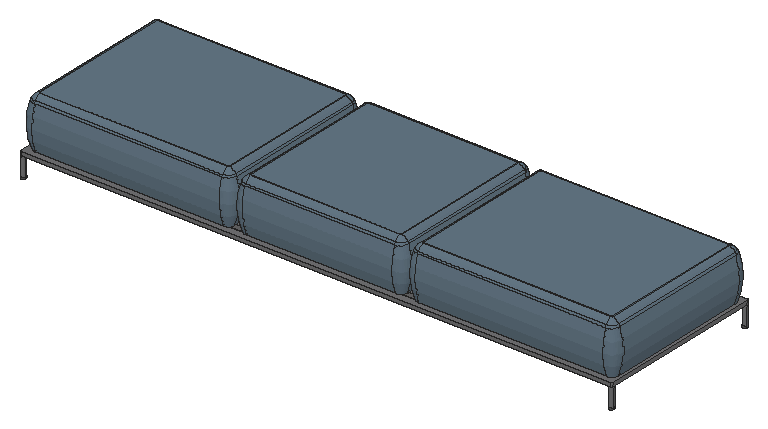
Revit family "Haworth_Mex-Hi_ExtraWideBench_PRELIMINARY", category Furniture, Revit 2018
Family settings
  OmniClass Number = 23.40.70.14.64.21
  OmniClass Title = Systems Furniture
  Work Plane-Based = No
  Always vertical = Yes
  Cut with Voids When Loaded = No
  Shared = No
  Room Calculation Point = No
Parameters (values of type "Extra Wide Three Seats Bench")
  Warranty = "http://www.haworth.com/resources/product-info/warranties"
  URL - Product = "https://www.haworth.com/na/en/products/lounge-sofas/ottomans/mex-hi-seating.html"
  URL = "https://www.haworth.com/na/en/about/brands/haworth-collection.html"
  Trim Finish = Haworth _ Polymer _ Black
  Sustainability Info = "https://www.haworth.com/na/en/expertise/sustainability.html"
  Size = "Verify Final Dim. w/ Haworth"  # constant formula
  Seat Upholstery Finish [instance] = Haworth _ Leather _ Scozia _ Oceano ES-342
  Revision Number = "1"  # constant formula
  Model = "HCCSMHB"  # constant formula
  Manufacturer = "Haworth"  # constant formula
  Description = "Haworth - Cassina - Mex-Hi - Extra Wide Bench - Three Seats"  # constant formula
  Base Finish [instance] = Haworth _ Paint _ Matte Anthracite 69-ANT
  Author = "Haworth (Abd Rahman)"  # constant formula
  Assembly Code = "E2020200"
  Actual Width = 122.00"  # constant formula
  Actual Height = 28.30"  # constant formula
  Actual Depth = 35.50"  # constant formula
Reference planes (in)
  plane 1: z = 0
  plane 2 "Center L/R": x = -6.11989
  plane 3 "Center F/B": y = -11.5
  plane 4 "Top": z = 28.3
  plane 5 "Back": y = 6.25
  plane 6 "Front": y = -29.25
  plane 7 "Right": x = 54.88011
  plane 8 "Left": x = -67.11989
  plane 9: x = -23.83369
  plane 10: x = 11.59391
Dimensions and locks (in)
  equal spacing: plane 8 "Left", plane 2 "Center L/R", plane 7 "Right"
  "Actual Width": plane 8 "Left" to plane 7 "Right"
  equal spacing: plane 5 "Back", plane 3 "Center F/B", plane 6 "Front"
  "Actual Depth": plane 5 "Back" to plane 6 "Front"
  "Actual Height": plane 4 "Top" to plane 1
  plane 8 "Left" to plane 9 to plane 10 to plane 7 "Right" = 43.2862", 35.4276", 43.2862"
  aligned and locked: plane 2 "Center L/R" to nested 1
  aligned and locked: nested 1 to plane 3 "Center F/B"
  aligned and locked: nested 2 to plane 3 "Center F/B"
  aligned and locked: plane 3 "Center F/B" to nested 3
  aligned and locked: nested 2 to plane 8 "Left"
  aligned and locked: nested 3 to plane 7 "Right"
  aligned and locked: plane 2 "Center L/R" to nested 4
  aligned and locked: plane 3 "Center F/B" to nested 4
Nested families (in)
  nested 1: "Haworth_Mex-Hi_Sofa_Base-PART" at (0, 0, 0), Base Finish <- "Base Finish", type "Base - PART"
    with Base Finish Haworth _ Paint _ Matte Anthracite 69-ANT, Two Seats yes, Three Seats no, Actual Width 122.00"
  nested 2: "Haworth_Mex-Hi_Bench_Seat-PART" at (-39.69817, 0, 0), Seat Upholstery Finish <- "Seat Upholstery Finish", type "Seat Bench - PART - Large"
    with Seat Upholstery Finish Haworth _ Leather _ Scozia _ Oceano ES-342, Middle Large Seat yes, L/R Seat no
  nested 3: "Haworth_Mex-Hi_Bench_Seat-PART" at (39.01563, 0, 0), Seat Upholstery Finish <- "Seat Upholstery Finish", type "Seat Bench - PART - Large"
    with Seat Upholstery Finish Haworth _ Leather _ Scozia _ Oceano ES-342, Middle Large Seat yes, L/R Seat no
  nested 4: "Haworth_Mex-Hi_Bench_Seat-PART" at (0, 0, 0), Seat Upholstery Finish <- "Seat Upholstery Finish", type "Seat Bench - PART - Small"
    with Seat Upholstery Finish Haworth _ Leather _ Scozia _ Oceano ES-342, Middle Small Seat yes, L/R Seat no
Definition of nested family "Haworth_Mex-Hi_Sofa_Base-PART"
  Parameters (values of type "Base - PART")
    Warranty = "http://www.haworth.com/resources/product-info/warranties"
    URL - Product = "https://www.haworth.com/na/en/products/lounge-sofas/ottomans/mex-hi-seating.html"
    URL = "https://www.haworth.com/na/en/about/brands/haworth-collection.html"
    Two Seats = no
    Trim Finish = none
    Three Seats = yes
    Sustainability Info = "https://www.haworth.com/na/en/expertise/sustainability.html"
    Size = "Verify Final Dim. w/ Haworth"  # constant formula
    Revision Number = "1"  # constant formula
    Model = "Haworth - Cassina - Mex-Hi"  # constant formula
    Manufacturer = "Haworth"  # constant formula
    Description = "Haworth - Cassina - Mex-Hi - Sofa - Base - PART"  # constant formula
    Base Finish [instance] = none
    Author = "Haworth (Abd Rahman)"  # constant formula
    Assembly Code = "E2020200"
    Actual Width = 98.40"
    Actual Height = 28.30"  # constant formula
    Actual Depth = 35.50"
  Reference planes (in)
    plane 1: z = 0
    plane 2 "Center L/R": x = -6.11989
    plane 3 "Center F/B": y = -11.5
    plane 4 "Top": z = 28.3
    plane 5 "Back": y = 6.25
    plane 6 "Front": y = -29.25
    plane 7 "Right": x = 43.08011
    plane 8 "Left": x = -55.31989
    plane 9: x = 8.61121
    plane 10: x = 7.43011
    plane 11: x = -19.66989
    plane 12: x = -20.851
    plane 13: y = 4.4803
    plane 14: y = 3.20078
    plane 15: y = 2.01967
    plane 16: y = -4.67324
    plane 17: y = -5.85434
    plane 18: y = -24.9511
    plane 19: y = -26.1322
    plane 20: y = -27.40946
    plane 21: y = 6.04866
    plane 22: y = -28.9838
    plane 23: x = -53.5182
    plane 24: x = 41.33743
    plane 25: x = 42.90823
    plane 26: x = -55.09253
    plane 27: x = 8.0169
    plane 28: x = -20.26044
    plane 29: y = -17.07481
    plane 30: y = -5.26247
    plane 31: x = -6.6827
    plane 32: x = -5.5016
  Forms (in)
    Extrusion 1, solid, material <- "Base Finish"
      sketch origin (-0.25, 0.4375, 0) x (1, 0, 0) y (0, 1, 0)
        loop
          line (42.78209, 5.61116) -> (-54.46639, 5.61116)
          arc (-54.46639, 5.61116) -> (-54.73236, 5.50099) -> (-54.84253, 5.23502) r 0.37614
          line (-54.84253, 5.23502) -> (-54.84253, -29.03536)
          arc (-54.84253, -29.03536) -> (-54.72949, -29.30826) -> (-54.4566, -29.4213) r 0.38594
          line (-54.4566, -29.4213) -> (42.87505, -29.4213)
          arc (42.87505, -29.4213) -> (43.07529, -29.33835) -> (43.15823, -29.13811) r 0.28319
          line (43.15823, -29.13811) -> (43.15823, 5.23502)
          arc (43.15823, 5.23502) -> (43.04806, 5.50099) -> (42.78209, 5.61116) r 0.37614
        loop
          line (41.58743, -5.11074) -> (41.58743, 1.58217) -> (-53.2682, 1.58217) -> (-53.2682, -5.11074) -> (41.58743, -5.11074)
        loop
          line (-53.2682, 2.76328) -> (41.58743, 2.76328) -> (41.58743, 4.0428) -> (-53.2682, 4.0428) -> (-53.2682, 2.76328)
        loop
          line (41.58743, -6.29184) -> (-53.2682, -6.29184) -> (-53.2682, -25.3886) -> (41.58743, -25.3886) -> (41.58743, -6.29184)
        loop
          line (41.58743, -26.5697) -> (-53.2682, -26.5697) -> (-53.2682, -27.84696) -> (41.58743, -27.84696) -> (41.58743, -26.5697)
      from 4.08098 to 4.88189
    Extrusion 2, solid, material <- "Base Finish"
      sketch origin (-0.25, 0.4375, 0) x (1, 0, 0) y (0, 1, 0)
        loop
          circle (-54.44883, 5.22344) r 0.41206
        loop
          circle (42.77054, -29.02659) r 0.41206
        loop
          circle (42.77363, 5.22313) r 0.41206
        loop
          circle (-54.44602, -29.0239) r 0.41206
      from 0 to 4.08098
    Extrusion 3, solid, material <- "Trim Finish"
      sketch origin (-0.25, 0.4375, 0) x (1, 0, 0) y (0, 1, 0)
        loop
          circle (-54.44883, 5.22344) r 0.49213
        loop
          circle (-54.44883, -29.02999) r 0.49213
        loop
          circle (42.77154, 5.22344) r 0.49213
        loop
          circle (42.76782, -29.02818) r 0.49213
      from 0 to 0.23622
    Extrusion 4, solid, material <- "Base Finish", visible <- "Two Seats"
      sketch origin (0, 0, 0) x (1, 0, 0) y (0, 1, 0)
        loop
          line (-5.5016, -27.40946) -> (-5.5016, 6.04866) -> (-6.6827, 6.04866) -> (-6.6827, -27.40946) -> (-5.5016, -27.40946)
      from 4.08098 to 4.88189
    Extrusion 5, solid, material <- "Base Finish", visible <- "Three Seats"
      sketch origin (-17.68716, 0, 0) x (1, 0, 0) y (0, 1, 0)
        loop
          line (-1.98273, -27.40946) -> (-1.98273, 6.04866) -> (-3.16383, 6.04866) -> (-3.16383, -27.40946) -> (-1.98273, -27.40946)
      from 4.08098 to 4.88189
    Extrusion 6, solid, material <- "Base Finish", visible <- "Three Seats"
      sketch origin (17.7459, 0, 0) x (1, 0, 0) y (0, 1, 0)
        loop
          line (-9.1347, -27.40946) -> (-9.1347, 6.04866) -> (-10.3158, 6.04866) -> (-10.3158, -27.40946) -> (-9.1347, -27.40946)
      from 4.08098 to 4.88189
    Extrusion 7, solid, material <- "Trim Finish", visible <- "Two Seats"
      sketch origin (0, 0, 0) x (1, 0, 0) y (0, 1, 0)
        loop
          circle (-6.11989, -17.07481) r 0.49213
        loop
          circle (-6.11989, -5.26247) r 0.49213
      from 0 to 0.23622
    Extrusion 8, solid, material <- "Trim Finish", visible <- "Two Seats"
      sketch origin (0, 0, 0) x (1, 0, 0) y (0, 1, 0)
        loop
          circle (-6.11989, -17.07481) r 0.41206
        loop
          circle (-6.11989, -5.26247) r 0.41206
      from 0 to 4.08098
    Extrusion 9, solid, material <- "Trim Finish", visible <- "Three Seats"
      sketch origin (0, 0, 0) x (1, 0, 0) y (0, 1, 0)
        loop
          circle (-20.26044, -17.07481) r 0.41206
        loop
          circle (-20.26044, -5.26247) r 0.41206
        loop
          circle (8.0169, -5.26247) r 0.41206
        loop
          circle (8.0169, -17.07481) r 0.41206
      from 0 to 4.08098
    Extrusion 10, solid, material <- "Trim Finish", visible <- "Three Seats"
      sketch origin (0, 0, 0) x (1, 0, 0) y (0, 1, 0)
        loop
          circle (-20.26044, -17.07481) r 0.49213
        loop
          circle (-20.26044, -5.26247) r 0.49213
        loop
          circle (8.0169, -5.26247) r 0.49213
        loop
          circle (8.0169, -17.07481) r 0.49213
      from 0 to 0.23622
  Lines and regions (in)
    symbolic lines
      curve 1: line (-55.09253, 6.04866, 0) -> (42.90823, 6.04866, 0)
      curve 2: line (-55.09253, -28.9838, 0) -> (-55.09253, 6.04866, 0)
      curve 3: line (42.90823, -28.9838, 0) -> (-55.09253, -28.9838, 0)
      curve 4: line (42.90823, 6.04866, 0) -> (42.90823, -28.9838, 0)
      curve 5: line (-53.5182, -27.40946, 0) -> (-20.851, -27.40946, 0)
      curve 6: line (-53.5182, -26.1322, 0) -> (-53.5182, -27.40946, 0)
      curve 7: line (-20.851, -26.1322, 0) -> (-53.5182, -26.1322, 0)
      curve 8: line (-20.851, -27.40946, 0) -> (-20.851, -26.1322, 0)
      curve 9: line (7.43011, -27.40946, 0) -> (-19.66989, -27.40946, 0)
      curve 10: line (7.43011, -26.1322, 0) -> (7.43011, -27.40946, 0)
      curve 11: line (-19.66989, -26.1322, 0) -> (7.43011, -26.1322, 0)
      curve 12: line (-19.66989, -27.40946, 0) -> (-19.66989, -26.1322, 0)
      curve 13: line (8.61121, -26.1322, 0) -> (41.33743, -26.1322, 0)
      curve 14: line (8.61121, -27.40946, 0) -> (8.61121, -26.1322, 0)
      curve 15: line (41.33743, -27.40946, 0) -> (8.61121, -27.40946, 0)
      curve 16: line (41.33743, -26.1322, 0) -> (41.33743, -27.40946, 0)
      curve 17: line (41.33743, -24.9511, 0) -> (8.61121, -24.9511, 0)
      curve 18: line (41.33743, -5.85434, 0) -> (41.33743, -24.9511, 0)
      curve 19: line (8.61121, -5.85434, 0) -> (41.33743, -5.85434, 0)
      curve 20: line (8.61121, -24.9511, 0) -> (8.61121, -5.85434, 0)
      curve 21: line (41.33743, -4.67324, 0) -> (8.61121, -4.67324, 0)
      curve 22: line (41.33743, 2.01967, 0) -> (41.33743, -4.67324, 0)
      curve 23: line (8.61121, 2.01967, 0) -> (41.33743, 2.01967, 0)
      curve 25: line (7.43011, 2.01967, 0) -> (-19.66989, 2.01967, 0)
      curve 27: line (-19.66989, -4.67324, 0) -> (7.43011, -4.67324, 0)
      curve 28: line (-19.66989, 2.01967, 0) -> (-19.66989, -4.67324, 0)
      curve 29: line (-19.66989, -5.85434, 0) -> (7.43011, -5.85434, 0)
      curve 30: line (-19.66989, -24.9511, 0) -> (-19.66989, -5.85434, 0)
      curve 31: line (7.43011, -24.9511, 0) -> (-19.66989, -24.9511, 0)
      curve 32: line (7.43011, -5.85434, 0) -> (7.43011, -24.9511, 0)
      curve 33: line (-20.851, -24.9511, 0) -> (-53.5182, -24.9511, 0)
      curve 35: line (-53.5182, -5.85434, 0) -> (-20.851, -5.85434, 0)
      curve 36: line (-53.5182, -24.9511, 0) -> (-53.5182, -5.85434, 0)
      curve 37: line (-53.5182, -4.67324, 0) -> (-20.851, -4.67324, 0)
      curve 38: line (-53.5182, 2.01967, 0) -> (-53.5182, -4.67324, 0)
      curve 39: line (-20.851, 2.01967, 0) -> (-53.5182, 2.01967, 0)
      curve 40: line (-20.851, -4.67324, 0) -> (-20.851, 2.01967, 0)
      curve 41: line (-53.5182, 4.4803, 0) -> (-20.851, 4.4803, 0)
      curve 42: line (-53.5182, 3.20078, 0) -> (-53.5182, 4.4803, 0)
      curve 43: line (-20.851, 3.20078, 0) -> (-53.5182, 3.20078, 0)
      curve 44: line (-20.851, 4.4803, 0) -> (-20.851, 3.20078, 0)
      curve 45: line (7.43011, 3.20078, 0) -> (-19.66989, 3.20078, 0)
      curve 46: line (7.43011, 4.4803, 0) -> (7.43011, 3.20078, 0)
      curve 47: line (-19.66989, 4.4803, 0) -> (7.43011, 4.4803, 0)
      curve 49: line (41.33743, 3.20078, 0) -> (8.61121, 3.20078, 0)
      curve 50: line (41.33743, 4.4803, 0) -> (41.33743, 3.20078, 0)
      curve 51: line (8.61121, 4.4803, 0) -> (41.33743, 4.4803, 0)
      curve 52: line (8.61121, 3.20078, 0) -> (8.61121, 4.4803, 0)
    symbolic lines, visible <- "Three Seats"
      curve 24: line (8.61121, -27.40946, 0) -> (8.61121, 4.4803, 0)
      curve 26: line (7.43011, -27.40946, 0) -> (7.43011, 4.4803, 0)
      curve 34: line (-20.851, 4.4803, 0) -> (-20.851, -27.40946, 0)
      curve 48: line (-19.66989, -27.40946, 0) -> (-19.66989, 4.4803, 0)
    symbolic lines, visible <- "Two Seats"
      curve 53: line (-6.6827, 6.04866, 0) -> (-5.5016, 6.04866, 0)
      curve 54: line (-6.6827, -27.40946, 0) -> (-6.6827, 6.04866, 0)
      curve 55: line (-5.5016, -27.40946, 0) -> (-6.6827, -27.40946, 0)
      curve 56: line (-5.5016, 6.04866, 0) -> (-5.5016, -27.40946, 0)
  Dimensions and locks (in)
    equal spacing: plane 8 "Left", plane 2 "Center L/R", plane 7 "Right"
    "Actual Width": plane 8 "Left" to plane 7 "Right"
    equal spacing: plane 5 "Back", plane 3 "Center F/B", plane 6 "Front"
    "Actual Depth": plane 5 "Back" to plane 6 "Front"
    "Actual Height": plane 4 "Top" to plane 1
    plane 18 to plane 19 to plane 20 to plane 22 to plane 6 "Front" = 1.1811" locked, 1.27726" locked, 1.57434" locked, 0.2662" locked
    plane 5 "Back" to plane 21 to plane 13 to plane 14 to plane 15 to plane 16 to plane 17 = 0.20134" locked, 1.56835" locked, 1.27953" locked, 1.1811" locked, 6.69291" locked, 1.1811" locked
    plane 30 to plane 3 "Center F/B" to plane 29 = 6.23753" locked, 5.57481" locked
    plane 31 to plane 2 "Center L/R" to plane 32 = 0.56281" locked, 0.61829" locked
    plane 10 to plane 27 to plane 9 = 0.58679" locked, 0.59431" locked
    plane 12 to plane 28 to plane 11 = 0.59055" locked, 0.59055" locked
    plane 24 to plane 25 to plane 7 "Right" = 1.5708" locked, 0.17188" locked
    plane 8 "Left" to plane 26 to plane 23 = 0.22736" locked, 1.57433" locked
    plane 9 to plane 24 = 32.72622"
    plane 23 to plane 12 = 32.6672"
    aligned and locked: Extrusion 1 to plane 13
    aligned and locked: plane 14 to Extrusion 1
    aligned and locked: Extrusion 1 to plane 15
    aligned and locked: plane 16 to Extrusion 1
    aligned and locked: Extrusion 1 to plane 17
    aligned and locked: plane 18 to Extrusion 1
    aligned and locked: Extrusion 1 to plane 19
    aligned and locked: Extrusion 1 to plane 20
    aligned and locked: plane 26 to Extrusion 1  (x2)
    aligned and locked: Extrusion 1 to plane 23  (x4)
    aligned and locked: Extrusion 1 to plane 25  (x2)
    aligned and locked: plane 24 to Extrusion 1  (x4)
    aligned and locked: curve 2 to plane 26
    aligned and locked: plane 21 to Extrusion 1
    aligned and locked: plane 14 to curve 43
    aligned and locked: plane 15 to curve 39
    aligned and locked: curve 37 to plane 16
    aligned and locked: curve 35 to plane 17
    aligned and locked: plane 18 to curve 33
    aligned and locked: plane 19 to curve 7
    aligned and locked: plane 20 to curve 5
    aligned and locked: plane 23 to curve 6
    aligned and locked: curve 36 to plane 23
    aligned and locked: plane 23 to curve 38
    aligned and locked: curve 42 to plane 23
    aligned and locked: plane 12 to curve 44
    aligned and locked: curve 40 to plane 12
    aligned and locked: curve 8 to plane 12
    aligned and locked: curve 12 to plane 11
    aligned and locked: curve 30 to plane 11
    aligned and locked: plane 11 to curve 28
    aligned and locked: plane 10 to curve 46
    aligned and locked: curve 26 to plane 10
    aligned and locked: plane 10 to curve 32
    aligned and locked: plane 10 to curve 10
    aligned and locked: curve 14 to plane 9
    aligned and locked: curve 20 to plane 9
    aligned and locked: curve 52 to plane 9
    aligned and locked: plane 24 to curve 50
    aligned and locked: plane 24 to curve 22
    aligned and locked: plane 24 to curve 18
    aligned and locked: plane 24 to curve 16
    aligned and locked: plane 25 to curve 4
    aligned and locked: Extrusion 1 to plane 22
    aligned and locked: curve 15 to plane 20
    aligned and locked: curve 13 to plane 19
    aligned and locked: plane 18 to curve 17
    aligned and locked: curve 19 to plane 17
    aligned and locked: plane 16 to curve 21
    aligned and locked: curve 23 to plane 15
    aligned and locked: plane 14 to curve 49
    aligned and locked: curve 51 to plane 13
    aligned and locked: curve 1 to plane 21
    aligned and locked: curve 47 to plane 13
    aligned and locked: plane 14 to curve 45
    aligned and locked: plane 15 to curve 25
    aligned and locked: curve 27 to plane 16
    aligned and locked: curve 29 to plane 17
    aligned and locked: plane 18 to curve 31
    aligned and locked: curve 11 to plane 19
    aligned and locked: curve 9 to plane 20
    aligned and locked: plane 22 to curve 3
    aligned and locked: plane 15 to nested 2
    aligned and locked: plane 15 to nested 3
    aligned and locked: plane 15 to nested 8
    aligned and locked: plane 15 to nested 9
    aligned and locked: plane 17 to nested 13
    aligned and locked: plane 17 to nested 10
    aligned and locked: plane 17 to nested 7
    aligned and locked: plane 17 to nested 4
    aligned and locked: plane 17 to nested 14
    aligned and locked: nested 1 to plane 18
    aligned and locked: nested 5 to plane 18
    aligned and locked: nested 6 to plane 18
    aligned and locked: nested 12 to plane 18
    aligned and locked: nested 11 to plane 18
    aligned and locked: nested 1 to Extrusion 1
    aligned and locked: Extrusion 1 to Extrusion 4  (x2)
    aligned and locked: Extrusion 4 to plane 32
    aligned and locked: plane 31 to Extrusion 4
    aligned and locked: plane 32 to Extrusion 4 sketch curve
    aligned and locked: Extrusion 4 sketch curve to plane 31
    aligned and locked: Extrusion 4 sketch curve to plane 21
    aligned and locked: Extrusion 4 sketch curve to plane 20
    aligned and locked: plane 9 to Extrusion 6 sketch curve
    aligned and locked: Extrusion 6 sketch curve to plane 10
    aligned and locked: Extrusion 6 sketch curve to plane 21
    aligned and locked: Extrusion 6 sketch curve to plane 20
    aligned and locked: plane 11 to Extrusion 5 sketch curve
    aligned and locked: Extrusion 5 sketch curve to plane 12
    aligned and locked: Extrusion 5 sketch curve to plane 21
    aligned and locked: Extrusion 5 sketch curve to plane 20
    aligned and locked: plane 29 to Extrusion 7 sketch curve
    aligned and locked: plane 2 "Center L/R" to Extrusion 7 sketch curve  (x2)
    aligned and locked: plane 30 to Extrusion 7 sketch curve
    aligned and locked: Extrusion 3 to Extrusion 7
    aligned and locked: plane 29 to Extrusion 8 sketch curve
    aligned and locked: plane 2 "Center L/R" to Extrusion 8 sketch curve  (x2)
    aligned and locked: plane 30 to Extrusion 8 sketch curve
    aligned and locked: Extrusion 8 to Extrusion 1
    aligned and locked: plane 29 to Extrusion 9 sketch curve  (x2)
    aligned and locked: plane 30 to Extrusion 9 sketch curve  (x2)
    aligned and locked: plane 28 to Extrusion 9 sketch curve  (x2)
    aligned and locked: plane 27 to Extrusion 9 sketch curve  (x2)
    aligned and locked: Extrusion 9 to Extrusion 1
    aligned and locked: plane 28 to Extrusion 10 sketch curve  (x2)
    aligned and locked: plane 27 to Extrusion 10 sketch curve  (x2)
    aligned and locked: plane 30 to Extrusion 10 sketch curve  (x2)
    aligned and locked: plane 29 to Extrusion 10 sketch curve  (x2)
    aligned and locked: Extrusion 10 to Extrusion 7
  Automatic sketch dimensions
    Extrusion 1 sketch curve to plane 26 = 0.00"
    Extrusion 1 sketch curve to plane 21 = 0.00"
    Extrusion 1 sketch curve to plane 22 = 0.00"
    plane 20 to Extrusion 1 sketch curve = 0.00"
    Extrusion 1 sketch curve to plane 23 = 0.00"  (x4)
    Extrusion 1 sketch curve to plane 18 = 0.00"
    Extrusion 1 sketch curve to plane 13 = 0.00"
    Extrusion 1 sketch curve to plane 16 = 0.00"
    Extrusion 1 sketch curve to plane 24 = 0.00"  (x4)
    Extrusion 1 sketch curve to plane 14 = 0.00"
    Extrusion 1 sketch curve to plane 15 = 0.00"
    Extrusion 1 sketch curve to plane 25 = 0.00"
    Extrusion 1 sketch curve to plane 19 = 0.00"
    Extrusion 1 sketch curve to plane 17 = 0.00"
    Extrusion 1 sketch curve to Extrusion 1 sketch curve = 0.37614"
    plane 22 to Extrusion 1 sketch curve = 0.38594"
    plane 25 to Extrusion 1 sketch curve = 0.37614"
    Extrusion 1 sketch curve to Extrusion 1 sketch curve = 0.28319"
    Extrusion 2 sketch curve to plane 26 = 0.39651"
    Extrusion 2 sketch curve to plane 26 = 0.3937"
    plane 25 to Extrusion 2 sketch curve = 0.38769"
    plane 25 to Extrusion 2 sketch curve = 0.3846"
    plane 22 to Extrusion 2 sketch curve = 0.39739"
    plane 22 to Extrusion 2 sketch curve = 0.39471"
    Extrusion 2 sketch curve to plane 21 = 0.38803"
    Extrusion 2 sketch curve to plane 21 = 0.38772"
    Extrusion 3 sketch curve to plane 26 = 0.3937"  (x2)
    plane 25 to Extrusion 3 sketch curve = 0.39041"
    plane 25 to Extrusion 3 sketch curve = 0.38669"
    plane 22 to Extrusion 3 sketch curve = 0.39311"
    plane 22 to Extrusion 3 sketch curve = 0.39131"
    Extrusion 3 sketch curve to plane 21 = 0.38772"  (x2)
    plane 20 to curve 55 = 0.00"
    curve 55 to plane 31 = 0.00"
    curve 55 to plane 32 = 0.00"
    curve 44 to plane 13 = 0.00"
    curve 53 to plane 21 = 0.00"
    radius of Extrusion 2 sketch curve = 0.41206"  (x4)
    radius of Extrusion 3 sketch curve = 0.49213"  (x4)
    radius of Extrusion 7 sketch curve = 0.49213"  (x2)
    radius of Extrusion 8 sketch curve = 0.41206"  (x2)
    radius of Extrusion 9 sketch curve = 0.41206"  (x4)
    radius of Extrusion 10 sketch curve = 0.49213"  (x4)
  Nested families (in)
    nested 1: "Haworth_Mex-Hi_Sofa_Knob-PART" at (-41.10041, -14.04791, 0.00098), visible <- "Three Seats", type "Knob - PART"
    nested 2: "Haworth_Mex-Hi_Sofa_Knob-PART" at (-21.10041, 13.65777, 0), type "Knob - PART"
    nested 3: "Haworth_Mex-Hi_Sofa_Knob-PART" at (-13.66357, 13.65777, 0), type "Knob - PART"
    nested 4: "Haworth_Mex-Hi_Sofa_Knob-PART" at (-13.66357, 5.78375, 0), type "Knob - PART"
    nested 5: "Haworth_Mex-Hi_Sofa_Knob-PART" at (-13.66357, -14.04791, 0), type "Knob - PART"
    nested 6: "Haworth_Mex-Hi_Sofa_Knob-PART" at (14.33643, -14.04791, 0), type "Knob - PART"
    nested 7: "Haworth_Mex-Hi_Sofa_Knob-PART" at (14.33643, 5.78375, 0), type "Knob - PART"
    nested 8: "Haworth_Mex-Hi_Sofa_Knob-PART" at (14.33643, 13.65777, 0), type "Knob - PART"
    nested 9: "Haworth_Mex-Hi_Sofa_Knob-PART" at (21.51753, 13.65777, 0), type "Knob - PART"
    nested 10: "Haworth_Mex-Hi_Sofa_Knob-PART" at (21.51753, 5.78375, 0), type "Knob - PART"
    nested 11: "Haworth_Mex-Hi_Sofa_Knob-PART" at (21.51753, -14.04791, 0), type "Knob - PART"
    nested 12: "Haworth_Mex-Hi_Sofa_Knob-PART" at (41.58464, -14.04791, 0), visible <- "Three Seats", type "Knob - PART"
    nested 13: "Haworth_Mex-Hi_Sofa_Knob-PART" at (41.58464, 5.78375, 0), visible <- "Three Seats", type "Knob - PART"
    nested 14: "Haworth_Mex-Hi_Sofa_Knob-PART" at (-41.10041, 5.78375, 0), visible <- "Three Seats", type "Knob - PART"
  Definition of nested family "Haworth_Mex-Hi_Sofa_Knob-PART"
    Parameters (values of type "Knob - PART")
      Warranty = "http://www.haworth.com/resources/product-info/warranties"
      URL - Product = "https://www.haworth.com/na/en/products/lounge-sofas/ottomans/mex-hi-seating.html"
      URL = "https://www.haworth.com/na/en/about/brands/haworth-collection.html"
      Trim Finish = none
      Sustainability Info = "https://www.haworth.com/na/en/expertise/sustainability.html"
      Size = "Verify Final Dim. w/ Haworth"  # constant formula
      Revision Number = "1"  # constant formula
      Model = "Haworth - Cassina - Mex-Hi"  # constant formula
      Manufacturer = "Haworth"  # constant formula
      Description = "Haworth - Cassina - Mex-Hi - Sofa - Knob - PART"  # constant formula
      Author = "Haworth (Abd Rahman)"  # constant formula
      Assembly Code = "E2020200"
      Actual Width = 1.67"  # constant formula
      Actual Height = 4.08"  # constant formula
      Actual Depth = 1.47"  # constant formula
    Reference planes (in)
      plane 1: z = 0
      plane 2 "Center L/R": x = -6.1322
      plane 3 "Top": z = 4.08
      plane 4: x = -5.2972
      plane 5: x = -6.9672
      plane 6: y = -10.90319
      plane 7: y = -12.373
      plane 8: y = -11.6381
    Forms (in)
      Extrusion 1, solid, material <- "Trim Finish"
        sketch origin (0, 0, 0) x (1, 0, 0) y (0, 1, 0)
          loop
            arc (-6.96571, -11.20052) -> (-6.96593, -11.22622) -> (-6.95004, -11.24643) r 0.03882
            arc (-6.95004, -11.24643) -> (-6.5066, -11.70956) -> (-6.32724, -12.32516) r 1.34831
            arc (-6.32724, -12.32516) -> (-6.31768, -12.34902) -> (-6.29531, -12.36168) r 0.03882
            arc (-6.29531, -12.36168) -> (-6.12907, -12.37648) -> (-5.96283, -12.36168) r 0.94089
            arc (-5.96283, -12.36168) -> (-5.93846, -12.34653) -> (-5.93115, -12.31878) r 0.03882
            arc (-5.93115, -12.31878) -> (-5.74775, -11.6992) -> (-5.2972, -11.23603) r 1.34873
            arc (-5.2972, -11.23603) -> (-5.29048, -11.21886) -> (-5.29243, -11.20052) r 0.03882
            arc (-5.29243, -11.20052) -> (-5.36273, -11.04915) -> (-5.45867, -10.91258) r 0.94086
            arc (-5.45867, -10.91258) -> (-5.48082, -10.89954) -> (-5.50626, -10.90319) r 0.03882
            arc (-5.50626, -10.90319) -> (-6.12907, -11.05565) -> (-6.75188, -10.90319) r 1.34833
            arc (-6.75188, -10.90319) -> (-6.77732, -10.89954) -> (-6.79947, -10.91258) r 0.03882
            arc (-6.79947, -10.91258) -> (-6.89541, -11.04915) -> (-6.96571, -11.20052) r 0.94087
        from 3.49028 to 3.88235
      Extrusion 2, solid, material <- "Trim Finish"
        sketch origin (0, 0, 0) x (1, 0, 0) y (0, 1, 0)
          loop
            circle (-6.1322, -11.5) r 0.37215
        from 3.88235 to 4.08098
    Cuts and joins
      joined: Extrusion 1, Extrusion 2
    Lines and regions (in)
      symbolic lines
        curve 1: arc (-5.50626, -10.90319, 0) -> (-6.12907, -11.05565, 0) -> (-6.75188, -10.90319, 0) r 1.34833
        curve 2: arc (-5.45867, -10.91258, 0) -> (-5.48082, -10.89954, 0) -> (-5.50626, -10.90319, 0) r 0.03882
        curve 3: arc (-5.29243, -11.20052, 0) -> (-5.36273, -11.04915, 0) -> (-5.45867, -10.91258, 0) r 0.94086
        curve 4: arc (-5.2972, -11.23603, 0) -> (-5.29048, -11.21886, 0) -> (-5.29243, -11.20052, 0) r 0.03882
        curve 5: arc (-5.93115, -12.31878, 0) -> (-5.74775, -11.6992, 0) -> (-5.2972, -11.23603, 0) r 1.34873
        curve 6: arc (-5.96283, -12.36168, 0) -> (-5.93846, -12.34653, 0) -> (-5.93115, -12.31878, 0) r 0.03882
        curve 7: arc (-6.29531, -12.36168, 0) -> (-6.12907, -12.37648, 0) -> (-5.96283, -12.36168, 0) r 0.94089
        curve 8: arc (-6.32724, -12.32516, 0) -> (-6.31768, -12.34902, 0) -> (-6.29531, -12.36168, 0) r 0.03882
        curve 9: arc (-6.95004, -11.24643, 0) -> (-6.5066, -11.70956, 0) -> (-6.32724, -12.32516, 0) r 1.34831
        curve 10: arc (-6.96571, -11.20052, 0) -> (-6.96593, -11.22622, 0) -> (-6.95004, -11.24643, 0) r 0.03882
        curve 11: arc (-6.79947, -10.91258, 0) -> (-6.89541, -11.04915, 0) -> (-6.96571, -11.20052, 0) r 0.94087
        curve 12: arc (-6.75188, -10.90319, 0) -> (-6.77732, -10.89954, 0) -> (-6.79947, -10.91258, 0) r 0.03882
    Dimensions and locks (in)
      equal spacing: plane 7, plane 8, plane 6
      plane 6 to plane 7 = 1.46981"
      equal spacing: plane 5, plane 2 "Center L/R", plane 4
      "Actual Width": plane 5 to plane 4
      "Actual Height": plane 3 "Top" to level
    Automatic sketch dimensions
      Extrusion 1 sketch curve to plane 2 "Center L/R" = 0.15625"
      Extrusion 1 sketch curve to plane 2 "Center L/R" = 0.6376"
      Extrusion 1 sketch curve to Extrusion 1 sketch curve = 0.15938"  (x2)
      Extrusion 1 sketch curve to plane 2 "Center L/R" = 1.54206"
      Extrusion 1 sketch curve to plane 2 "Center L/R" = 0.04533"
      Extrusion 1 sketch curve to Extrusion 1 sketch curve = 0.04847"
      plane 2 "Center L/R" to Extrusion 1 sketch curve = 0.00314"
      Extrusion 1 sketch curve to Extrusion 1 sketch curve = 0.09695"
      Extrusion 1 sketch curve to Extrusion 1 sketch curve = 0.31877"
      plane 2 "Center L/R" to Extrusion 1 sketch curve = 0.64387"
      Extrusion 1 sketch curve to Extrusion 1 sketch curve = 0.74511"
      Extrusion 1 sketch curve to Extrusion 1 sketch curve = 0.00"  (x11)
      Extrusion 1 sketch curve to Extrusion 1 sketch curve = 0.00001"
      Extrusion 1 sketch curve to Extrusion 1 sketch curve = 0.08398"
      Extrusion 1 sketch curve to Extrusion 1 sketch curve = 0.27606"  (x2)
      Extrusion 1 sketch curve to Extrusion 1 sketch curve = 1.2303"
      Extrusion 1 sketch curve to plane 2 "Center L/R" = 0.16311"
      Extrusion 1 sketch curve to Extrusion 1 sketch curve = 0.01793"
      Extrusion 2 sketch curve to plane 2 "Center L/R" = 0.00"
      plane 6 to Extrusion 1 sketch curve = 0.00"  (x2)
      Extrusion 1 sketch curve to plane 4 = 0.00"
      plane 6 to Extrusion 1 sketch curve = 0.5324"
      plane 7 to Extrusion 1 sketch curve = 0.04953"
      Extrusion 1 sketch curve to plane 7 = 0.01071"
      plane 6 to Extrusion 2 sketch curve = 0.59681"
      plane 6 to curve 1 = 0.00"  (x2)
      plane 6 to curve 2 = 0.00"
      plane 2 "Center L/R" to curve 1 = 0.00314"
      plane 6 to curve 2 = 0.03443"
      plane 4 to curve 2 = 0.19113"
      curve 1 to plane 6 = 1.19587"
      plane 6 to curve 2 = 0.00939"
      curve 3 to plane 2 "Center L/R" = 0.04533"
      curve 3 to curve 2 = 0.00"
      curve 3 to plane 4 = 0.00477"
      curve 4 to plane 4 = 0.00"
      plane 4 to curve 4 = 0.03174"
      curve 4 to curve 3 = 0.00"
      curve 5 to plane 7 = 0.00766"
      curve 5 to plane 4 = 0.71336"
      plane 7 to curve 5 = 0.05423"
      curve 6 to curve 5 = 0.03853"
      curve 6 to curve 5 = 0.0047"
      plane 7 to curve 6 = 0.01132"
      plane 2 "Center L/R" to curve 7 = 0.00314"
      plane 7 to curve 7 = 0.01132"
      curve 7 to plane 2 "Center L/R" = 0.16311"
      curve 7 to curve 8 = 0.00686"
      curve 8 to curve 8 = 0.03878"
      curve 8 to curve 7 = 0.00"
      curve 9 to plane 7 = 0.01071"
      curve 9 to plane 5 = 0.01716"
      curve 9 to curve 8 = 0.00"
      curve 10 to plane 5 = 0.03801"
      curve 10 to plane 5 = 0.0015"
      curve 10 to curve 9 = 0.00"
      plane 2 "Center L/R" to curve 11 = 0.05162"
      curve 11 to curve 10 = 0.00"
      plane 6 to curve 11 = 0.00939"
      plane 6 to curve 12 = 0.00"
      radius of Extrusion 2 sketch curve = 0.37215"
Definition of nested family "Haworth_Mex-Hi_Bench_Seat-PART"
  Parameters (values of type "Seat Bench - PART")
    Warranty = "http://www.haworth.com/resources/product-info/warranties"
    URL - Product = "https://www.haworth.com/na/en/products/lounge-sofas/ottomans/mex-hi-seating.html"
    URL = "https://www.haworth.com/na/en/about/brands/haworth-collection.html"
    Sustainability Info = "https://www.haworth.com/na/en/expertise/sustainability.html"
    Size = "Verify Final Dim. w/ Haworth"  # constant formula
    Seat Upholstery Finish [instance] = none
    Seat Height = 17.00"  # constant formula
    Revision Number = "1"  # constant formula
    Model = "Haworth - Cassina - Mex-Hi"  # constant formula
    Middle Small Seat = no
    Middle Large Seat = no
    Manufacturer = "Haworth"  # constant formula
    L/R Seat = yes
    Description = "Haworth - Cassina - Mex-Hi - Seat  - PART"  # constant formula
    Author = "Haworth (Abd Rahman)"  # constant formula
    Assembly Code = "E2020200"
    Actual Width = 35.69922"  # constant formula
    Actual Height = 27.39844"  # constant formula
    Actual Depth = 35.50"  # constant formula
  Reference planes (in)
    plane 1: z = 0
    plane 2 "Center L/R": x = -6.11989
    plane 3 "Center F/B": y = -11.5
    plane 4 "Top": z = 27.39844
    plane 5 "Back": y = 6.25
    plane 6 "Front": y = -29.25
    plane 7 "Right": x = 11.72972
    plane 8 "Left": x = -23.9695
    plane 9: z = 17
    plane 10: x = -27.42172
    plane 11: x = 15.86448
    plane 12: x = -19.80117
    plane 13: x = 7.56138
  Forms (in)
    Extrusion 1, solid, material <- "Seat Upholstery Finish", visible <- "Middle Small Seat"
      sketch origin (4.78944, 14.72405, 0) x (1, 0, 0) y (0, 1, 0)
        loop
          arc (4.64853, -11.18636) -> (4.58765, -11.03938) -> (4.44067, -10.9785) r 0.20787
          line (4.44067, -10.9785) -> (-26.25933, -10.9785)
          arc (-26.25933, -10.9785) -> (-26.40632, -11.03938) -> (-26.4672, -11.18636) r 0.20787
          line (-26.4672, -11.18636) -> (-26.4672, -41.04213)
          arc (-26.4672, -41.04213) -> (-26.40632, -41.18912) -> (-26.25933, -41.25) r 0.20787
          line (-26.25933, -41.25) -> (4.44067, -41.25)
          arc (4.44067, -41.25) -> (4.58765, -41.18912) -> (4.64853, -41.04213) r 0.20787
          line (4.64853, -41.04213) -> (4.64853, -11.18636)
      from 4.88189 to 15.36974
    Sweep 2, solid, material <- "Seat Upholstery Finish", visible <- "Middle Small Seat"
      path origin (4.78944, 14.72405, 0) x (1, 0, 0) y (0, 1, 0)
        loop
          arc (4.44067, -42.79213) -> (5.6781, -42.27957) -> (6.19067, -41.04213) r 1.75
          line (6.19067, -41.04213) -> (6.19067, -11.18636)
          arc (6.19067, -11.18636) -> (5.6781, -9.94893) -> (4.44067, -9.43636) r 1.75
          line (4.44067, -9.43636) -> (-26.25933, -9.43636)
          arc (-26.25933, -9.43636) -> (-27.49677, -9.94893) -> (-28.00933, -11.18636) r 1.75
          line (-28.00933, -11.18636) -> (-28.00933, -41.04213)
          arc (-28.00933, -41.04213) -> (-27.49677, -42.27957) -> (-26.25933, -42.79213) r 1.75
          line (-26.25933, -42.79213) -> (4.44067, -42.79213)
      profile origin (-6.11989, -28.06809, 0) x (0, -1, 0) y (0, 0, 1)
        loop
          arc (-0.11034, 13.92822) -> (-0.19803, 14.13034) -> (-0.31579, 14.31655) r 1.42697
          arc (-0.31579, 14.31655) -> (-0.8708, 14.91087) -> (-1.54213, 15.36974) r 3.70331
          line (-1.54213, 15.36974) -> (-1.54213, 4.88189) -> (-0.41268, 4.88189)
          arc (-0.41268, 4.88189) -> (0.57441, 9.37712) -> (-0.11034, 13.92822) r 12.66244
    Extrusion 3, solid, material <- "Seat Upholstery Finish", visible <- "L/R Seat"
      sketch origin (4.35194, 14.72405, 0) x (1, 0, 0) y (0, 1, 0)
        loop
          arc (0.87817, -41.25) -> (1.02515, -41.18912) -> (1.08603, -41.04213) r 0.20787
          line (1.08603, -41.04213) -> (1.08603, -11.18636)
          arc (1.08603, -11.18636) -> (1.02515, -11.03938) -> (0.87817, -10.9785) r 0.20787
          line (0.87817, -10.9785) -> (-21.82183, -10.9785)
          arc (-21.82183, -10.9785) -> (-21.96882, -11.03938) -> (-22.0297, -11.18636) r 0.20787
          line (-22.0297, -11.18636) -> (-22.0297, -41.04213)
          arc (-22.0297, -41.04213) -> (-21.96882, -41.18912) -> (-21.82183, -41.25) r 0.20787
          line (-21.82183, -41.25) -> (0.87817, -41.25)
      from 4.88189 to 15.36974
    Sweep 4, solid, material <- "Seat Upholstery Finish", visible <- "L/R Seat"
      path origin (4.35194, 14.72405, 0) x (1, 0, 0) y (0, 1, 0)
        loop
          arc (0.87817, -42.79213) -> (2.1156, -42.27957) -> (2.62817, -41.04213) r 1.75
          line (2.62817, -41.04213) -> (2.62817, -11.18636)
          arc (2.62817, -11.18636) -> (2.1156, -9.94893) -> (0.87817, -9.43636) r 1.75
          line (0.87817, -9.43636) -> (-21.82183, -9.43636)
          arc (-21.82183, -9.43636) -> (-23.05927, -9.94893) -> (-23.57183, -11.18636) r 1.75
          line (-23.57183, -11.18636) -> (-23.57183, -41.04213)
          arc (-23.57183, -41.04213) -> (-23.05927, -42.27957) -> (-21.82183, -42.79213) r 1.75
          line (-21.82183, -42.79213) -> (0.87817, -42.79213)
      profile origin (-6.11989, -28.06809, 0) x (0, -1, 0) y (0, 0, 1)
        loop
          arc (-0.11034, 13.92822) -> (-0.19803, 14.13034) -> (-0.31579, 14.31655) r 1.42697
          arc (-0.31579, 14.31655) -> (-0.8708, 14.91087) -> (-1.54213, 15.36974) r 3.70331
          line (-1.54213, 15.36974) -> (-1.54213, 4.88189) -> (-0.41268, 4.88189)
          arc (-0.41268, 4.88189) -> (0.57441, 9.37712) -> (-0.11034, 13.92822) r 12.66244
    Sweep 5, solid, material <- "Seat Upholstery Finish", visible <- "Middle Large Seat"
      path origin (4.78944, 14.72405, 0) x (1, 0, 0) y (0, 1, 0)
        loop
          arc (8.74067, -42.79213) -> (9.9781, -42.27957) -> (10.49067, -41.04213) r 1.75
          line (10.49067, -41.04213) -> (10.49067, -11.18636)
          arc (10.49067, -11.18636) -> (9.9781, -9.94893) -> (8.74067, -9.43636) r 1.75
          line (8.74067, -9.43636) -> (-29.80933, -9.43636)
          arc (-29.80933, -9.43636) -> (-31.04677, -9.94893) -> (-31.55933, -11.18636) r 1.75
          line (-31.55933, -11.18636) -> (-31.55933, -41.04213)
          arc (-31.55933, -41.04213) -> (-31.04677, -42.27957) -> (-29.80933, -42.79213) r 1.75
          line (-29.80933, -42.79213) -> (8.74067, -42.79213)
      profile origin (-5.74489, -28.06809, 0) x (0, -1, 0) y (0, 0, 1)
        loop
          arc (-0.11034, 13.92822) -> (-0.19803, 14.13034) -> (-0.31579, 14.31655) r 1.42697
          arc (-0.31579, 14.31655) -> (-0.8708, 14.91087) -> (-1.54213, 15.36974) r 3.70331
          line (-1.54213, 15.36974) -> (-1.54213, 4.88189) -> (-0.41268, 4.88189)
          arc (-0.41268, 4.88189) -> (0.57441, 9.37712) -> (-0.11034, 13.92822) r 12.66244
    Extrusion 6, solid, material <- "Seat Upholstery Finish", visible <- "Middle Large Seat"
      sketch origin (4.78944, 14.97405, 0) x (1, 0, 0) y (0, 1, 0)
        loop
          arc (8.94853, -11.43636) -> (8.88765, -11.28938) -> (8.74067, -11.2285) r 0.20787
          line (8.74067, -11.2285) -> (-29.80933, -11.2285)
          arc (-29.80933, -11.2285) -> (-29.95632, -11.28938) -> (-30.0172, -11.43636) r 0.20787
          line (-30.0172, -11.43636) -> (-30.0172, -41.29213)
          arc (-30.0172, -41.29213) -> (-29.95632, -41.43912) -> (-29.80933, -41.5) r 0.20787
          line (-29.80933, -41.5) -> (8.74067, -41.5)
          arc (8.74067, -41.5) -> (8.88765, -41.43912) -> (8.94853, -41.29213) r 0.20787
          line (8.94853, -41.29213) -> (8.94853, -11.43636)
      from 4.88189 to 15.36974
  Lines and regions (in)
    Masking region 1, visible <- "Middle Small Seat"
      outline origin (0, 0, 0) x (1, 0, 0) y (0, 1, 0)
        loop
          line (-23.80117, 3.5) -> (-23.80117, -26.2804)
          arc (-23.80117, -26.2804) -> (-23.06894, -28.04817) -> (-21.30117, -28.7804) r 2.5
          line (-21.30117, -28.7804) -> (9.06138, -28.7804)
          arc (9.06138, -28.7804) -> (10.82915, -28.04817) -> (11.56138, -26.2804) r 2.5
          line (11.56138, -26.2804) -> (11.56138, 3.5)
          arc (11.56138, 3.5) -> (10.82915, 5.26777) -> (9.06138, 6) r 2.5
          line (9.06138, 6) -> (-21.30117, 6)
          arc (-21.30117, 6) -> (-23.06894, 5.26777) -> (-23.80117, 3.5) r 2.5
    Masking region 2, visible <- "L/R Seat"
      outline origin (0, 0, 0) x (1, 0, 0) y (0, 1, 0)
        loop
          line (-19.80117, 3.5) -> (-19.80117, -26.2804)
          arc (-19.80117, -26.2804) -> (-19.06894, -28.04817) -> (-17.30117, -28.7804) r 2.5
          line (-17.30117, -28.7804) -> (5.06138, -28.7804)
          arc (5.06138, -28.7804) -> (6.82915, -28.04817) -> (7.56138, -26.2804) r 2.5
          line (7.56138, -26.2804) -> (7.56138, 3.5)
          arc (7.56138, 3.5) -> (6.82915, 5.26777) -> (5.06138, 6) r 2.5
          line (5.06138, 6) -> (-17.30117, 6)
          arc (-17.30117, 6) -> (-19.06894, 5.26777) -> (-19.80117, 3.5) r 2.5
    Masking region 3, visible <- "Middle Large Seat"
      outline origin (0, 0, 0) x (1, 0, 0) y (0, 1, 0)
        loop
          line (-27.42172, 3.5) -> (-27.42172, -26.2804)
          arc (-27.42172, -26.2804) -> (-26.68949, -28.04817) -> (-24.92172, -28.7804) r 2.5
          line (-24.92172, -28.7804) -> (13.36448, -28.7804)
          arc (13.36448, -28.7804) -> (15.13225, -28.04817) -> (15.86448, -26.2804) r 2.5
          line (15.86448, -26.2804) -> (15.86448, 3.5)
          arc (15.86448, 3.5) -> (15.13225, 5.26777) -> (13.36448, 6) r 2.5
          line (13.36448, 6) -> (-24.92172, 6)
          arc (-24.92172, 6) -> (-26.68949, 5.26777) -> (-27.42172, 3.5) r 2.5
  Dimensions and locks (in)
    equal spacing: plane 8 "Left", plane 2 "Center L/R", plane 7 "Right"
    "Actual Width": plane 8 "Left" to plane 7 "Right"
    equal spacing: plane 5 "Back", plane 3 "Center F/B", plane 6 "Front"
    "Actual Depth": plane 5 "Back" to plane 6 "Front"
    "Actual Height": plane 4 "Top" to plane 1
    "Seat Height": plane 9 to level
    aligned and locked: Sweep 5 to Extrusion 6 sketch curve
    aligned and locked: Extrusion 6 sketch curve to Sweep 5
  Automatic sketch dimensions
    plane 8 "Left" to Extrusion 1 sketch curve = 2.29174"
    Extrusion 1 sketch curve to Extrusion 1 sketch curve = 0.20787"  (x3)
    Extrusion 1 sketch curve to plane 7 "Right" = 2.49961"  (x2)
    plane 6 "Front" to Extrusion 1 sketch curve = 2.72405"
    Extrusion 1 sketch curve to plane 5 "Back" = 2.71232"
    plane 8 "Left" to Sweep 2 sketch curve = 0.74961"
    Sweep 2 sketch curve to plane 5 "Back" = 0.96232"
    Sweep 2 sketch curve to Sweep 2 sketch curve = 1.75"  (x2)
    plane 6 "Front" to Sweep 2 sketch curve = 1.18191"
    Sweep 2 sketch curve to plane 7 "Right" = 2.49961"  (x2)
    Sweep 2 sketch curve to plane 7 "Right" = 0.74961"
    profile plane to Sweep 2 sketch curve = 12.08096"
    profile plane to Sweep 2 sketch curve = 3.28358"
    profile plane to Sweep 2 sketch curve = 1.54213"
    profile plane to Sweep 2 sketch curve = 1.45935"
    profile plane to Sweep 2 sketch curve = 0.41268"
    level to Sweep 2 sketch curve = 4.88189"
    level to Sweep 2 sketch curve = 9.80008"
    Sweep 2 sketch curve to Sweep 2 sketch curve = 7.21954"
    Sweep 2 sketch curve to Sweep 2 sketch curve = 1.36158"
    Sweep 2 sketch curve to Sweep 2 sketch curve = 1.90673"
    Sweep 2 sketch curve to Sweep 2 sketch curve = 0.00"
    plane 6 "Front" to Extrusion 3 sketch curve = 2.93191"  (x2)
    plane 8 "Left" to Extrusion 3 sketch curve = 6.29174"
    Extrusion 3 sketch curve to Extrusion 3 sketch curve = 0.20787"  (x2)
    Extrusion 3 sketch curve to plane 5 "Back" = 2.71232"
    Extrusion 3 sketch curve to plane 7 "Right" = 6.49961"  (x2)
    plane 8 "Left" to Sweep 4 sketch curve = 4.74961"
    Sweep 4 sketch curve to plane 5 "Back" = 0.96232"
    Sweep 4 sketch curve to Sweep 4 sketch curve = 1.75"  (x3)
    plane 6 "Front" to Sweep 4 sketch curve = 1.18191"
    plane 6 "Front" to Sweep 4 sketch curve = 2.93191"
    Sweep 4 sketch curve to plane 7 "Right" = 6.49961"
    profile plane to Sweep 4 sketch curve = 12.08096"
    profile plane to Sweep 4 sketch curve = 3.28358"
    profile plane to Sweep 4 sketch curve = 1.54213"
    profile plane to Sweep 4 sketch curve = 1.45935"
    profile plane to Sweep 4 sketch curve = 0.41268"
    level to Sweep 4 sketch curve = 4.88189"
    level to Sweep 4 sketch curve = 9.80008"
    Sweep 4 sketch curve to Sweep 4 sketch curve = 7.21954"
    Sweep 4 sketch curve to Sweep 4 sketch curve = 1.36158"
    Sweep 4 sketch curve to Sweep 4 sketch curve = 1.90673"
    Sweep 4 sketch curve to Sweep 4 sketch curve = 0.00"
    plane 8 "Left" to Masking region 1 sketch curve = 0.16833"
    plane 6 "Front" to Masking region 1 sketch curve = 0.4696"
    plane 8 "Left" to Masking region 1 sketch curve = 2.66833"
    Masking region 1 sketch curve to Masking region 1 sketch curve = 2.50"
    Masking region 1 sketch curve to plane 5 "Back" = 0.25"
    Masking region 1 sketch curve to plane 7 "Right" = 2.66833"  (x2)
    Masking region 1 sketch curve to plane 7 "Right" = 0.16833"
    plane 8 "Left" to Masking region 2 sketch curve = 4.16833"
    Masking region 2 sketch curve to Masking region 2 sketch curve = 2.50"  (x3)
    Masking region 2 sketch curve to plane 5 "Back" = 0.25"
    Masking region 2 sketch curve to plane 7 "Right" = 6.66833"  (x2)
    plane 6 "Front" to Masking region 2 sketch curve = 0.4696"
    Sweep 5 sketch curve to plane 8 "Left" = 2.80039"
    Sweep 5 sketch curve to plane 5 "Back" = 0.96232"
    Sweep 5 sketch curve to plane 8 "Left" = 1.05039"  (x2)
    plane 6 "Front" to Sweep 5 sketch curve = 1.18191"
    plane 7 "Right" to Sweep 5 sketch curve = 1.80039"  (x2)
    Sweep 5 sketch curve to Sweep 5 sketch curve = 1.75"
    profile plane to Sweep 5 sketch curve = 12.08096"
    profile plane to Sweep 5 sketch curve = 3.28358"
    profile plane to Sweep 5 sketch curve = 1.54213"
    profile plane to Sweep 5 sketch curve = 1.45935"
    profile plane to Sweep 5 sketch curve = 0.41268"
    level to Sweep 5 sketch curve = 4.88189"
    level to Sweep 5 sketch curve = 9.80008"
    Sweep 5 sketch curve to Sweep 5 sketch curve = 7.21954"
    Sweep 5 sketch curve to Sweep 5 sketch curve = 1.36158"
    Sweep 5 sketch curve to Sweep 5 sketch curve = 1.90673"
    Sweep 5 sketch curve to Sweep 5 sketch curve = 0.00"
    Extrusion 6 sketch curve to Extrusion 6 sketch curve = 0.20787"  (x4)
    plane 6 "Front" to Extrusion 6 sketch curve = 2.72405"
    Extrusion 6 sketch curve to plane 5 "Back" = 2.71232"
    Masking region 3 sketch curve to plane 5 "Back" = 2.75"
    Masking region 3 sketch curve to plane 8 "Left" = 3.45222"
    plane 6 "Front" to Masking region 3 sketch curve = 0.4696"
    Masking region 3 sketch curve to plane 8 "Left" = 0.95222"  (x2)
    plane 7 "Right" to Masking region 3 sketch curve = 1.63477"  (x2)
    Masking region 3 sketch curve to Masking region 3 sketch curve = 2.50"
